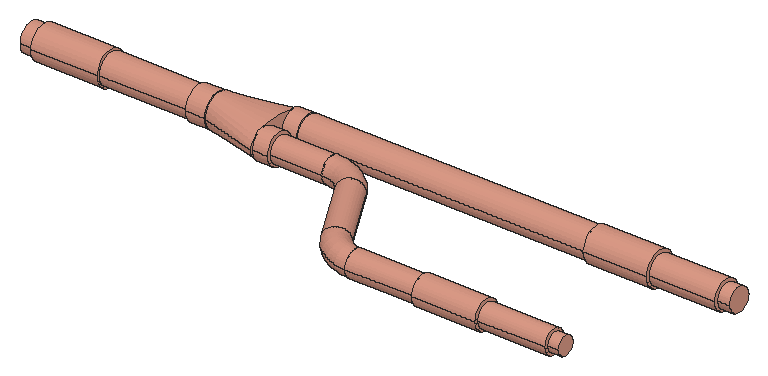
Revit family "outputfile", category 配管付属品, Revit 2024
Family settings
  丸型コネクタ寸法 = 半径を使用
  パーツ タイプ = 標準
  OmniClass 番号 = 23.65.55.00
  OmniClass タイトル = Distribution of Supplied Liquids/Gases
  作業面ベース = いいえ
  常に垂直 = はい
  ロード時にボイドで切り取り = いいえ
  共有 = いいえ
Parameters (values of type "KHRP25A73T + KHRP25M73TP")
  Description = ""
  製造元 = "Daikin"
  書き出し IFC クラス(タイプ) = "IfcPipeFittingType"
  定義済み IFC タイプ(タイプ) = "JUNCTION"
  Cost = 0
  Type Comments = ""
  Keynote = ""
  Type Image = (empty or 0)
  Assembly Code = ""
  mm⇔inch [instance] = yes
  l_InletPipe4 = 12.0 mm
  built-in parameter 1114242 [instance] = (empty or 0)
  Default Elevation = 0.0 mm
  モデル = "KHRP25A73T + KHRP25M73TP"
  table_StraightPipe [instance] = if(mm⇔inch, "Refnet Joint_KHRP25A-T_Liquid_StraightPipe", "Refnet Joint_KHRP25A-T_Liquid_StraightPipe_inch")  # "Refnet Joint_KHRP25A-T_Liquid_StraightPipe"
  table_BranchPipe [instance] = if(mm⇔inch, "Refnet Joint_KHRP25A-T_Liquid_BranchPipe", "Refnet Joint_KHRP25A-T_Liquid_BranchPipe_inch")  # "Refnet Joint_KHRP25A-T_Liquid_BranchPipe"
  table_Inlet [instance] = if(mm⇔inch, "Refnet Joint_KHRP25A-T_Liquid_Inlet", "Refnet Joint_KHRP25A-T_Liquid_Inlet_inch")  # "Refnet Joint_KHRP25A-T_Liquid_Inlet"
  switch_StraightPipe_Reducer [instance] = if(Is_StraightPipe Reducer = 1, 1 = 1, 1 = 0)  # no
  switch_StraightPipe3 [instance] = if(number_StraightPipe = 3, 1 = 1, 1 = 0)  # yes
  switch_StraightPipe2 [instance] = if(number_StraightPipe < 2, 1 = 0, 1 = 1)  # yes
  switch_BranchPipe_Reducer [instance] = if(Is_BranchPipe Reducer = 1, 1 = 1, 1 = 0)  # no
  switch_BranchPipe3 [instance] = if(number_BranchPipe = 3, 1 = 1, 1 = 0)  # yes
  switch_BranchPipe2 [instance] = if(number_BranchPipe < 2, 1 = 0, 1 = 1)  # yes
  switch_Inlet pipe_Reducer [instance] = if(Is_Inlet Reducer = 1, 1 = 1, 1 = 0)  # no
  switch_Inlet pipe3 [instance] = if(number_InletPipe = 3, 1 = 1, 1 = 0)  # no
  switch_Inlet pipe2 [instance] = if(number_InletPipe < 2, 1 = 0, 1 = 1)  # yes
  Uniclass2015Version = "Products v1.31"
  Uniclass2015Title = "Copper pipe fittings"
  Uniclass2015Code = "Pr_65_52_63_18"
  URL = ""
  StraightPipe_Liquid_ActualDiameter [instance] = 12.7 mm
  Material_Piping = DAIKIN_Copper_Pipe
  Material_Insulation = DAIKIN_White_Insulation
  lw_Insulation [instance] = size_lookup(table_Inlet, "lw_Insulation", 26.0 mm, モデル)  # 63.0 mm
  Unit Type = "KHRP25A-T_Liquid"
  Tag No. [instance] = ""
  StraightPipe_Liquid_Status [instance] = size_lookup(table_StraightPipe, "Information", "The connected pipe size is not available.", モデル, StraightPipe_Liquid_ActualDiameter)  # "Default connector size is used."
  Link_Nested Family [instance] = ""
  Inlet_Liquid_Actual Diameter [instance] = 15.9 mm
  IfcVersion = ""
  IfcExportType = "JUNCTION"
  IfcExportAs = "IfcPipeFittingType"
  BranchPipe_Liquid_Status [instance] = size_lookup(table_BranchPipe, "Information", "The connected pipe size is not available.", モデル, BranchPipe_Liquid_ActualDiameter)  # "Default connector size is used."
  Inlet_Liquid_Status [instance] = size_lookup(table_Inlet, "Information", "The connected pipe size is not available.", モデル, Inlet_Liquid_Actual Diameter)  # "Default connector size is used."
  Series = "Refnet Joint"
  O.R_dividePipe_Inlet [instance] = (I.D_InletPipe1 + 2.0 mm) / 2  # 10.55 mm
  r_StraightPipe_Connector [instance] = StraightPipe_Liquid_ActualDiameter / 2  # 6.35 mm
  r_BranchPipe_Connector [instance] = BranchPipe_Liquid_ActualDiameter / 2  # 4.75 mm
  r_Inlet_Connector [instance] = Inlet_Liquid_Actual Diameter / 2  # 7.95 mm
  number_StraightPipe [instance] = size_lookup(table_StraightPipe, "pipeNumber", 2, モデル, StraightPipe_Liquid_ActualDiameter)  # 3
  number_BranchPipe [instance] = size_lookup(table_BranchPipe, "pipeNumber", 2, モデル, BranchPipe_Liquid_ActualDiameter)  # 3
  number_InletPipe [instance] = size_lookup(table_Inlet, "pipeNumber", 1, モデル, Inlet_Liquid_Actual Diameter)  # 2
  r_BranchPipeR [instance] = size_lookup(table_BranchPipe, "r_offsetPipeR", 18.0 mm, モデル, BranchPipe_Liquid_ActualDiameter)  # 25.0 mm
  l_BranchPipe_Straight2 [instance] = size_lookup(table_BranchPipe, "L_offsetPipe2", 25.5 mm, モデル)  # 43.0 mm
  l_BranchPipe_Straight1 [instance] = size_lookup(table_BranchPipe, "L_offsetPipe1", 5.0 mm, モデル)  # 33.0 mm
  l_BranchPipe connector [instance] = size_lookup(table_BranchPipe, "Length", 150.0 mm, モデル, BranchPipe_Liquid_ActualDiameter)  # 244.0 mm
  l_inlet connector [instance] = size_lookup(table_Inlet, "Length", 70.0 mm, モデル, Inlet_Liquid_Actual Diameter)  # 118.0 mm
  l_dividePipe [instance] = size_lookup(table_Inlet, "L_devidePipe", 30.0 mm, モデル)  # 38.0 mm
  l_StraightPipeReducer [instance] = size_lookup(table_StraightPipe, "L_Reducer", 80.0 mm, モデル, StraightPipe_Liquid_ActualDiameter)  # 80.0 mm
  l_StraightPipe3 [instance] = size_lookup(table_StraightPipe, "L_Pipe3", 2.0 mm, モデル)  # 8.0 mm
  l_StraightPipe2 [instance] = size_lookup(table_StraightPipe, "L_Pipe2", 6.0 mm, モデル)  # 42.0 mm
  l_StraightPipe1 [instance] = size_lookup(table_StraightPipe, "L_Pipe1", 44.0 mm, モデル)  # 40.0 mm
  l_StraightPipe0 [instance] = size_lookup(table_StraightPipe, "L_Pipe0", 130.0 mm, モデル)  # 182.0 mm
  l_StraightPipe connector [instance] = size_lookup(table_StraightPipe, "Length", 190.0 mm, モデル, StraightPipe_Liquid_ActualDiameter)  # 282.0 mm
  l_BranchPipe Reducer [instance] = size_lookup(table_BranchPipe, "L_Reducer", 50.0 mm, モデル, BranchPipe_Liquid_ActualDiameter)  # 50.0 mm
  l_BranchPipe3 [instance] = size_lookup(table_BranchPipe, "L_Pipe3", 2.0 mm, モデル)  # 7.0 mm
  l_BranchPipe2 [instance] = size_lookup(table_BranchPipe, "L_Pipe2", 6.0 mm, モデル)  # 43.0 mm
  l_BranchPipe1 [instance] = size_lookup(table_BranchPipe, "L_Pipe1", 44.0 mm, モデル)  # 40.0 mm
  l_BranchPipe0 [instance] = size_lookup(table_BranchPipe, "L_Pipe0", 90.0 mm, モデル)  # 144.0 mm
  l_InletReducer [instance] = size_lookup(table_Inlet, "L_Reducer", 80.0 mm, モデル, Inlet_Liquid_Actual Diameter)  # 100.0 mm
  l_InletPipe3 [instance] = size_lookup(table_Inlet, "L_Pipe3", 2.0 mm, モデル)  # 2.0 mm
  l_InletPipe2 [instance] = size_lookup(table_Inlet, "L_Pipe2", 2.0 mm, モデル)  # 8.0 mm
  l_InletPipe1 [instance] = size_lookup(table_Inlet, "L_Pipe1", 7.0 mm, モデル)  # 42.0 mm
  l_InletPipe0 [instance] = size_lookup(table_Inlet, "L_Pipe0", 53.0 mm, モデル)  # 56.0 mm
  center_StraightPipe [instance] = size_lookup(table_StraightPipe, "center_Pipe", 6.5 mm, モデル)  # 11.5 mm
  center_BranchPipe2 [instance] = size_lookup(table_BranchPipe, "center_OffsetPipe", 73.5 mm, モデル)  # 78.1 mm
  center_BranchPipe1 [instance] = size_lookup(table_BranchPipe, "center_Pipe", 6.5 mm, モデル)  # 11.5 mm
  StraightPipe_Liquid_AvailableDiameter [instance] = size_lookup(table_StraightPipe, "sizeVariation", "", モデル)  # "12.7/15.9/19.1mm"
  BranchPipe_Liquid_AvailableDiameter [instance] = size_lookup(table_BranchPipe, "sizeVariation", "", モデル)  # "6.4/9.5/12.7/15.9mm"
  Inlet_Liquid_Available Diameter [instance] = size_lookup(table_Inlet, "sizeVariation", "", モデル)  # "15.9/19.1/22.2mm"
  O.D_StraightPipe Reducer [instance] = size_lookup(table_StraightPipe, "O.D_reducer", 2.0 mm, モデル, StraightPipe_Liquid_ActualDiameter)  # 2.0 mm
  O.D_Offset Outlet Reducer [instance] = size_lookup(table_BranchPipe, "O.D_reducer", 2.0 mm, モデル, BranchPipe_Liquid_ActualDiameter)  # 2.0 mm
  O.D_Inlet Reducer [instance] = size_lookup(table_Inlet, "O.D_reducer", 2.0 mm, モデル, Inlet_Liquid_Actual Diameter)  # 2.0 mm
  Is_StraightPipe Reducer [instance] = size_lookup(table_StraightPipe, "IsReducer", 0, モデル, StraightPipe_Liquid_ActualDiameter)  # 0
  Is_BranchPipe Reducer [instance] = size_lookup(table_BranchPipe, "IsReducer", 0, モデル, BranchPipe_Liquid_ActualDiameter)  # 0
  Is_Inlet Reducer [instance] = size_lookup(table_Inlet, "IsReducer", 0, モデル, Inlet_Liquid_Actual Diameter)  # 0
  BranchPipe_Liquid_ActualDiameter [instance] = 9.5 mm
  Attach_Insulation [instance] = no
  I.D_StraightPipe3 [instance] = size_lookup(table_StraightPipe, "I.D_PipeSize3", 2.0 mm, モデル)  # 12.7 mm
  I.D_StraightPipe2 [instance] = size_lookup(table_StraightPipe, "I.D_PipeSize2", 6.4 mm, モデル)  # 15.9 mm
  I.D_StraightPipe1 [instance] = size_lookup(table_StraightPipe, "I.D_PipeSize1", 9.5 mm, モデル)  # 19.1 mm
  I.D_StraightPipe0 [instance] = size_lookup(table_StraightPipe, "I.D_PipeSize0", 7.5 mm, モデル)  # 17.1 mm
  I.D_BranchPipe3 [instance] = size_lookup(table_BranchPipe, "I.D_PipeSize3", 2.0 mm, モデル)  # 9.5 mm
  I.D_BranchPipe2 [instance] = size_lookup(table_BranchPipe, "I.D_PipeSize2", 6.4 mm, モデル)  # 12.7 mm
  I.D_BranchPipe1 [instance] = size_lookup(table_BranchPipe, "I.D_PipeSize1", 9.5 mm, モデル)  # 15.9 mm
  I.D_BranchPipe0 [instance] = size_lookup(table_BranchPipe, "I.D_PipeSize0", 7.5 mm, モデル)  # 13.9 mm
  I.D_Straight Reducer [instance] = size_lookup(table_StraightPipe, "I.D_reducer", 2.0 mm, モデル, StraightPipe_Liquid_ActualDiameter)  # 2.0 mm
  I.D_OutletPipe [instance] = size_lookup(table_Inlet, "I.D_OutletPipeSize", 9.6 mm, モデル, Inlet_Liquid_Actual Diameter)  # 17.0 mm
  I.D_Branch Reducer [instance] = size_lookup(table_BranchPipe, "I.D_reducer", 2.0 mm, モデル, BranchPipe_Liquid_ActualDiameter)  # 2.0 mm
  I.D_Inlet Reducer [instance] = size_lookup(table_Inlet, "I.D_reducer", 2.0 mm, モデル, Inlet_Liquid_Actual Diameter)  # 2.0 mm
  I.D_InletPipe3 [instance] = size_lookup(table_Inlet, "I.D_PipeSize3", 2.0 mm, モデル)  # 2.0 mm
  I.D_InletPipe2 [instance] = size_lookup(table_Inlet, "I.D_PipeSize2", 2.0 mm, モデル)  # 15.9 mm
  I.D_InletPipe1 [instance] = size_lookup(table_Inlet, "I.D_PipeSize1", 9.5 mm, モデル)  # 19.1 mm
  I.D_InletPipe0 [instance] = size_lookup(table_Inlet, "I.D_PipeSize0", 7.5 mm, モデル)  # 17.1 mm
Reference planes
  plane 1 "Center (Front/Back)": y = 0
  plane 2: z = 0
  plane 3 "base_left": x = 0
  plane 4: x = 2
  plane 5: x = 10
  plane 6: x = 52
  plane 7: x = 108
  plane 8: x = 120
  plane 9: x = 158
  plane 10: x = 168
  plane 11 "center_straight outlet": y = 11.5
  plane 12 "center2_offset outlet": y = -78.1
  plane 13 "center1_offset outlet": y = -11.5
  plane 14: x = 350
  plane 15: x = 390
  plane 16: x = 432
  plane 17: x = 312
  plane 18: x = 352
  plane 19: x = 395
  plane 20: x = 440
  plane 21: x = 402
  plane 22 "Reducer_straightoutlet": x = 402
  plane 23: x = 440
  plane 24: y = -22.05
  plane 25: z = 10.55
  plane 26 "Inlet_connector": x = 2
  plane 27 "Left_Insulation": x = 57
Forms (mm)
  SweptBlend 1, solid, material "DAIKIN_Copper_Pipe" <- "Material_Piping"
    path origin (0, 0, 0) x (1, 0, 0) y (0, 1, 0)
      loop
        line (120, 0) -> (158, 0)
    profile origin (120, 0, 0) x (0, 1, 0) y (0, 0, 1)
      loop
        circle (0, 0) r 10.55
    end profile origin (158, 0, 0) x (0, 1, 0) y (0, 0, 1)
      loop
        spline (-22.05, 0) -> (-21.299, -2.731) -> (-19.096, -5.275) -> (-15.592, -7.46) -> (-11.025, -9.137) -> (-5.707, -10.191) -> (0, -10.55) -> (5.707, -10.191) -> (11.025, -9.137) -> (15.592, -7.46) -> (19.096, -5.275) -> (21.299, -2.731) -> (22.05, 0)
        spline (22.05, 0) -> (21.299, 2.731) -> (19.096, 5.275) -> (15.592, 7.46) -> (11.025, 9.137) -> (5.707, 10.191) -> (0, 10.55) -> (-5.707, 10.191) -> (-11.025, 9.137) -> (-15.592, 7.46) -> (-19.096, 5.275) -> (-21.299, 2.731) -> (-22.05, 0)
Dimensions and locks
  "l_InletPipe3": plane 3 "base_left" to plane 4
  "l_InletPipe2": plane 4 to plane 5
  "l_InletPipe1": plane 5 to plane 6
  "l_InletPipe0": plane 6 to plane 7
  "l_InletPipe4": plane 7 to plane 8
  "center_StraightPipe": plane 1 "Center (Front/Back)" to plane 11 "center_straight outlet"
  "center_BranchPipe2": plane 12 "center2_offset outlet" to plane 1 "Center (Front/Back)"
  "center_BranchPipe1": plane 13 "center1_offset outlet" to plane 1 "Center (Front/Back)"
  "l_dividePipe": plane 8 to plane 9
  plane 9 to plane 10 = 10.0 mm
  "l_StraightPipe0": plane 10 to plane 14
  "l_BranchPipe0": plane 10 to plane 17
  "l_BranchPipe1": plane 17 to plane 18
  "l_BranchPipe2": plane 18 to plane 19
  "l_StraightPipe1": plane 14 to plane 15
  "l_StraightPipe2": plane 15 to plane 16
  "l_StraightPipe3": plane 16 to plane 20
  "l_BranchPipe3": plane 19 to plane 21
  "l_BranchPipe connector": plane 9 to plane 22 "Reducer_straightoutlet"
  "l_StraightPipe connector": plane 9 to plane 23
  "O.R_dividePipe_Inlet": plane 24 to plane 13 "center1_offset outlet"
  "O.R_dividePipe_Inlet": plane 25 to plane 2
  "l_inlet connector": plane 26 "Inlet_connector" to plane 8
  "lw_Insulation": plane 27 "Left_Insulation" to plane 8
  "O.R_dividePipe_Inlet": radius of SweptBlend 1 sketch curve
  aligned and locked: level to plane 2
  aligned and locked: plane 2 to nested 1
  aligned and locked: plane 3 "base_left" to nested 1
  aligned and locked: plane 1 "Center (Front/Back)" to nested 1
  aligned and locked: plane 4 to nested 2
  aligned and locked: plane 1 "Center (Front/Back)" to nested 2
  aligned and locked: plane 5 to nested 2
  aligned and locked: plane 5 to nested 3
  aligned and locked: plane 6 to nested 3
  aligned and locked: plane 6 to nested 4
  aligned and locked: nested 4 to plane 7
  aligned and locked: nested 5 to plane 7
  aligned and locked: nested 5 to plane 8
  aligned and locked: plane 8 to SweptBlend 1 sketch curve
  aligned and locked: plane 9 to SweptBlend 1 sketch curve
  aligned and locked: plane 2 to SweptBlend 1 sketch curve  (x2)
  aligned and locked: plane 1 "Center (Front/Back)" to SweptBlend 1 sketch curve  (x2)
  aligned and locked: nested 6 to plane 9
  aligned and locked: nested 7 to plane 9
  aligned and locked: nested 6 to plane 11 "center_straight outlet"
  aligned and locked: nested 7 to plane 13 "center1_offset outlet"
  aligned and locked: nested 7 to plane 10
  aligned and locked: nested 6 to plane 10
  aligned and locked: nested 8 to plane 10
  aligned and locked: plane 14 to nested 8
  aligned and locked: nested 8 to plane 11 "center_straight outlet"
  aligned and locked: plane 14 to nested 9
  aligned and locked: nested 9 to plane 11 "center_straight outlet"
  aligned and locked: plane 15 to nested 9
  aligned and locked: nested 10 to plane 11 "center_straight outlet"
  aligned and locked: plane 15 to nested 10
  aligned and locked: plane 16 to nested 10
  aligned and locked: nested 11 to plane 12 "center2_offset outlet"
  aligned and locked: plane 17 to nested 11
  aligned and locked: plane 18 to nested 11
  aligned and locked: nested 12 to plane 12 "center2_offset outlet"
  aligned and locked: plane 18 to nested 12
  aligned and locked: plane 19 to nested 12
  aligned and locked: nested 13 to plane 10
  aligned and locked: nested 13 to plane 13 "center1_offset outlet"
  aligned and locked: nested 13 to plane 12 "center2_offset outlet"
  aligned and locked: plane 8 to nested 14
  aligned and locked: plane 1 "Center (Front/Back)" to nested 14
  aligned and locked: plane 11 "center_straight outlet" to nested 15
  aligned and locked: nested 15 to plane 9
  aligned and locked: nested 16 to plane 9
  aligned and locked: plane 12 "center2_offset outlet" to nested 16
  aligned and locked: nested 17 to plane 1 "Center (Front/Back)"
  aligned and locked: plane 16 to nested 18
  aligned and locked: plane 20 to nested 18
  aligned and locked: plane 19 to nested 19
  aligned and locked: plane 21 to nested 19
  aligned and locked: nested 20 to plane 12 "center2_offset outlet"
  aligned and locked: plane 23 to nested 21
  aligned and locked: nested 21 to plane 11 "center_straight outlet"
  aligned and locked: plane 4 to nested 1
  aligned and locked: plane 24 to SweptBlend 1 sketch curve
  aligned and locked: plane 25 to SweptBlend 1 sketch curve
  aligned and locked: nested 19 to plane 12 "center2_offset outlet"
  aligned and locked: nested 18 to plane 11 "center_straight outlet"
  aligned and locked: nested 17 to plane 26 "Inlet_connector"
  aligned and locked: plane 22 "Reducer_straightoutlet" to nested 20
  aligned and locked: nested 22 to plane 27 "Left_Insulation"
  aligned and locked: plane 1 "Center (Front/Back)" to nested 22
Automatic sketch dimensions
  plane 1 "Center (Front/Back)" to SweptBlend 1 sketch curve = 0.0 mm
Nested families
  nested 1: "daikin_Pipe" at (1, 0, 0), I.D_Pipe <- "I.D_InletPipe3", display <- "switch_Inlet pipe3", type "*"
    with length_Pipe 2.0 mm, display no, O.D_Pipe 4.0 mm, I.D_Pipe 2.0 mm
  nested 2: "daikin_Pipe" at (6, 0, 0), I.D_Pipe <- "I.D_InletPipe2", display <- "switch_Inlet pipe2", type "*"
    with length_Pipe 8.0 mm, display yes, O.D_Pipe 17.9 mm, I.D_Pipe 15.9 mm
  nested 3: "daikin_Pipe" at (31, 0, 0), I.D_Pipe <- "I.D_InletPipe1", type "*"
    with length_Pipe 42.0 mm, display yes, O.D_Pipe 21.1 mm, I.D_Pipe 19.1 mm
  nested 4: "daikin_Pipe" at (80, 0, 0), I.D_Pipe <- "I.D_InletPipe0", type "*"
    with length_Pipe 56.0 mm, display yes, O.D_Pipe 19.1 mm, I.D_Pipe 17.1 mm
  nested 5: "daikin_Pipe" at (114, 0, 0), I.D_Pipe <- "I.D_InletPipe1", type "*"
    with length_Pipe 12.0 mm, display yes, O.D_Pipe 21.1 mm, I.D_Pipe 19.1 mm
  nested 6: "daikin_Pipe" at (163, 11.5, 0), I.D_Pipe <- "I.D_OutletPipe", type "*"
    with length_Pipe 10.0 mm, display yes, O.D_Pipe 19.0 mm, I.D_Pipe 17.0 mm
  nested 7: "daikin_Pipe" at (163, -11.5, 0), I.D_Pipe <- "I.D_OutletPipe", type "*"
    with length_Pipe 10.0 mm, display yes, O.D_Pipe 19.0 mm, I.D_Pipe 17.0 mm
  nested 8: "daikin_Pipe" at (259, 11.5, 0), I.D_Pipe <- "I.D_StraightPipe0", type "*"
    with length_Pipe 182.0 mm, display yes, O.D_Pipe 19.1 mm, I.D_Pipe 17.1 mm
  nested 9: "daikin_Pipe" at (370, 11.5, 0), I.D_Pipe <- "I.D_StraightPipe1", type "*"
    with length_Pipe 40.0 mm, display yes, O.D_Pipe 21.1 mm, I.D_Pipe 19.1 mm
  nested 10: "daikin_Pipe" at (411, 11.5, 0), I.D_Pipe <- "I.D_StraightPipe2", display <- "switch_StraightPipe2", type "*"
    with length_Pipe 42.0 mm, display yes, O.D_Pipe 17.9 mm, I.D_Pipe 15.9 mm
  nested 11: "daikin_Pipe" at (332, -78.1, 0), I.D_Pipe <- "I.D_BranchPipe1", type "*"
    with length_Pipe 40.0 mm, display yes, O.D_Pipe 17.9 mm, I.D_Pipe 15.9 mm
  nested 12: "daikin_Pipe" at (373.5, -78.1, 0), I.D_Pipe <- "I.D_BranchPipe2", display <- "switch_BranchPipe2", type "*"
    with length_Pipe 43.0 mm, display yes, O.D_Pipe 14.7 mm, I.D_Pipe 12.7 mm
  nested 13: "daikin_Pipe Ofsset" at (168, -11.5, 0), I.D_Pipe size <- "I.D_BranchPipe0", length_straight pipe1 <- "l_BranchPipe_Straight1", length_straight pipe2 <- "l_BranchPipe_Straight2", r_Pipe R <- "r_BranchPipeR", length_Pipe <- "l_BranchPipe0", type "*"
    with r_Pipe R 25.0 mm, length_straight pipe2 43.0 mm, length_straight pipe1 33.0 mm, length_offset center 66.6 mm, length_Pipe 144.0 mm, O.D_Pipe size 15.9 mm, I.D_Pipe size 13.9 mm
  nested 14: "daikin_connector_rotate2" at (120, 0, 0) x (0, -1, 0) z (0, 0, 1), length <- "l_inlet connector", type "daikin_connector_rotate2"
    with radius 5.0 mm, length 118.0 mm, angle_vertical 90.00°, locaton_mark no
  nested 15: "daikin_connector_rotate2" at (158, 11.5, 0) x (0, 1, 0) z (0, 0, 1), length <- "l_StraightPipe connector", type "daikin_connector_rotate2"
    with radius 5.0 mm, length 282.0 mm, angle_vertical 90.00°, locaton_mark no
  nested 16: "daikin_connector_rotate2" at (158, -78.1, 0) x (0, 1, 0) z (0, 0, 1), length <- "l_BranchPipe connector", type "daikin_connector_rotate2"
    with radius 5.0 mm, length 244.0 mm, angle_vertical 90.00°, locaton_mark no
  nested 17: "daikin_Pipe_reducer" at (52, 0, 0) x (-1, 0, 0) z (0, 0, 1), display <- "switch_Inlet pipe_Reducer", length_Pipe <- "l_InletReducer", I.D_Pipe1 <- "I.D_Inlet Reducer", O.D_Pipe2 <- "O.D_Inlet Reducer", type "*"
    with length_Pipe 100.0 mm, display no, O.D_Pipe2 2.0 mm, O.D_Pipe1 4.0 mm, I.D_Pipe2 0.0 mm, I.D_Pipe1 2.0 mm
  nested 18: "daikin_Pipe" at (436, 11.5, 0), I.D_Pipe <- "I.D_StraightPipe3", display <- "switch_StraightPipe3", type "*"
    with length_Pipe 8.0 mm, display yes, O.D_Pipe 14.7 mm, I.D_Pipe 12.7 mm
  nested 19: "daikin_Pipe" at (398.5, -78.1, 0), I.D_Pipe <- "I.D_BranchPipe3", display <- "switch_BranchPipe3", type "*"
    with length_Pipe 7.0 mm, display yes, O.D_Pipe 11.5 mm, I.D_Pipe 9.5 mm
  nested 20: "daikin_Pipe_reducer" at (377, -78.1, 0), I.D_Pipe1 <- "I.D_Branch Reducer", O.D_Pipe2 <- "O.D_Offset Outlet Reducer", length_Pipe <- "l_BranchPipe Reducer", display <- "switch_BranchPipe_Reducer", type "*"
    with length_Pipe 50.0 mm, display no, O.D_Pipe2 2.0 mm, O.D_Pipe1 4.0 mm, I.D_Pipe2 0.0 mm, I.D_Pipe1 2.0 mm
  nested 21: "daikin_Pipe_reducer" at (400, 11.5, 0), I.D_Pipe1 <- "I.D_Straight Reducer", O.D_Pipe2 <- "O.D_StraightPipe Reducer", length_Pipe <- "l_StraightPipeReducer", display <- "switch_StraightPipe_Reducer", type "*"
    with length_Pipe 80.0 mm, display no, O.D_Pipe2 2.0 mm, O.D_Pipe1 4.0 mm, I.D_Pipe2 0.0 mm, I.D_Pipe1 2.0 mm
  nested 22: "daikin_Insulation_RefnetJoint" at (57, 0, 0), I.D_Outlet PipeSize <- "I.D_OutletPipe", type "*"
    with h 49.0 mm, I.D_Outlet PipeSize 17.0 mm, d_Insulation3_3 74.9 mm, d_Insulation2_2 40.2 mm, d_Insulation1_1 27.2 mm, w_Insulation5 238.0 mm, w_Insulation4 55.9 mm, w_Insulation3 42.1 mm, w_Insulation2 71.0 mm, w_Insulation1 28.0 mm, display no, d_Insulation3 68.4 mm, d_Insulation2 38.9 mm, d_Insulation1 25.8 mm
Connectors
  piping at (2, 0, 0), diameter 15.9, driven by "r_Inlet_Connector"
    settings: on nested 14, index 1, connector inside diameter 609.6 mm, connector length 0.0 mm, flow factor 0, pipe flow 0.00 m³/h, pressure drop 0.0 Pa, fitting loss kfactor 0, connector angle 0.00°, fixture units 0, engagement length 0.0 mm, angle of deflection 0.00°, flow configuration 0, flow direction 1, fitting loss method 0, system type 29, joint type 0, gender type 0, connector reference index -1, connector utility 0, adjustable connector no, is connector primary yes, connector description "Refnet Joint_Inlet_Liquid"
  piping at (402, -78.1, 0), diameter 9.5, driven by "r_BranchPipe_Connector"
    settings: on nested 16, index 2, connector inside diameter 609.6 mm, connector length 0.0 mm, flow factor 0, pipe flow 0.00 m³/h, pressure drop 0.0 Pa, fitting loss kfactor 0, connector angle 0.00°, fixture units 0, engagement length 0.0 mm, angle of deflection 0.00°, flow configuration 0, flow direction 2, fitting loss method 0, system type 29, joint type 0, gender type 0, connector reference index -1, connector utility 0, adjustable connector no, is connector primary no, connector description "Refnet Joint_Outlet Branch_Liquid"
  piping at (440, 11.5, 0), diameter 12.7, driven by "r_StraightPipe_Connector"
    settings: on nested 15, index 3, connector inside diameter 609.6 mm, connector length 0.0 mm, flow factor 0, pipe flow 0.00 m³/h, pressure drop 0.0 Pa, fitting loss kfactor 0, connector angle 0.00°, fixture units 0, engagement length 0.0 mm, angle of deflection 0.00°, flow configuration 0, flow direction 2, fitting loss method 0, system type 29, joint type 0, gender type 0, connector reference index -1, connector utility 0, adjustable connector no, is connector primary no, connector description "Refnet Joint_Outlet Straight_Liquid"
Definition of nested family "daikin_Pipe"
  Parameters (values of type "*")
    Default Elevation = 0.0 mm
    material = none
    length_Pipe [instance] = 150.0 mm
    display [instance] = yes
    O.D_Pipe [instance] = I.D_Pipe + 2.0 mm  # 27.0 mm
    I.D_Pipe [instance] = 25.0 mm
  Reference planes
    plane 1 "Center (Front/Back)": y = 0
    plane 2 "center(vertical)": z = 0
    plane 3 "Center (Left/Right)": x = 0
    plane 4 "left": x = -75
    plane 5 "right": x = 75
  Forms (mm)
    Extrusion 1, solid, material <- "material", visible <- "display"
      sketch origin (0, 0, 0) x (0, 1, 0) y (0, 0, 1)
        loop
          circle (0, 0) r 13.5
      from -75 to 75
  Dimensions and locks
    equal spacing: plane 4 "left", plane 3 "Center (Left/Right)", plane 5 "right"
    "length_Pipe": plane 4 "left" to plane 5 "right"
    "O.D_Pipe": diameter of Extrusion 1 sketch curve
    aligned and locked: level to plane 2 "center(vertical)"
    aligned and locked: plane 2 "center(vertical)" to Extrusion 1 sketch curve
    aligned and locked: plane 1 "Center (Front/Back)" to Extrusion 1 sketch curve
    aligned and locked: plane 5 "right" to Extrusion 1
    aligned and locked: Extrusion 1 to plane 4 "left"
Definition of nested family "daikin_Pipe Ofsset"
  Parameters (values of type "*")
    Default Elevation = 0.0 mm
    r_Pipe R [instance] = 18.0 mm
    material = none
    length_straight pipe2 [instance] = 25.5 mm
    length_straight pipe1 [instance] = 5.0 mm
    length_offset center [instance] = 67.5 mm
    length_Pipe [instance] = 90.0 mm
    O.D_Pipe size [instance] = I.D_Pipe size + 2.0 mm  # 12.0 mm
    I.D_Pipe size [instance] = 10.0 mm
  Reference planes
    plane 1 "Center (Front/Back)": y = 0
    plane 2: z = 0
    plane 3 "Center (Left/Right)": x = 0
    plane 4: y = -67.5
    plane 5: x = 90
    plane 6: x = 64.5
    plane 7: x = 5
  Forms (mm)
    Sweep 1, solid, material <- "material"
      path origin (0, 0, 0) x (1, 0, 0) y (0, 1, 0)
        loop
          line (0, 0) -> (5, 0)
          arc (5, 0) -> (14.03, -2.429) -> (20.623, -9.061) r 18
          line (20.623, -9.061) -> (48.877, -58.439)
          arc (48.877, -58.439) -> (55.47, -65.071) -> (64.5, -67.5) r 18
          line (64.5, -67.5) -> (90, -67.5)
      profile origin (2.5, 0, 0) x (0, 1, 0) y (0, 0, 1)
        loop
          circle (0, 0) r 6
  Dimensions and locks
    "length_offset center": plane 4 to plane 1 "Center (Front/Back)"
    "length_straight pipe1": plane 3 "Center (Left/Right)" to plane 7
    "length_Pipe": plane 3 "Center (Left/Right)" to plane 5
    "length_straight pipe2": plane 6 to plane 5
    "O.D_Pipe size": diameter of Sweep 1 sketch curve
    "r_Pipe R": radius of Sweep 1 sketch curve  (x2)
    aligned and locked: level to plane 2
    aligned and locked: plane 1 "Center (Front/Back)" to Sweep 1 sketch curve
    aligned and locked: profile plane to Sweep 1 sketch curve
    aligned and locked: plane 5 to Sweep 1 sketch curve
    aligned and locked: plane 7 to Sweep 1 sketch curve
    aligned and locked: plane 6 to Sweep 1 sketch curve
  Automatic sketch dimensions
    plane 1 "Center (Front/Back)" to Sweep 1 sketch curve = 0.0 mm
    Sweep 1 sketch curve to plane 3 "Center (Left/Right)" = 0.0 mm
    plane 4 to Sweep 1 sketch curve = 0.0 mm
Definition of nested family "daikin_connector_rotate2"
  Parameters (values of type "daikin_connector_rotate2")
    show_face = no
    radius [instance] = 10.0 mm
    locaton_mark = yes
    length [instance] = 600.0 mm
    d_surface = 10.0 mm
    angle_vertical [instance] = 90.00°
    Default Elevation = 0.0 mm
  Reference planes
    plane 1 "Center (Front/Back)": y = 0
    plane 2: z = 0
    plane 3 "Center (Left/Right)": x = 0
  Forms (mm)
    Extrusion 1, solid, visible <- "show_face"
      sketch origin (0, -600, 0) x (1, 0, 0) y (0, 0, 1)
        loop
          circle (0, 0) r 10
      from 0 to -10
  Lines and regions (mm)
    reference lines
      curve 1: line (0, 0, 0) -> (0, -600, 0)
    symbolic lines, visible <- "locaton_mark"
      curve 2: circle (0, 0, 0) r 5 normal (0, 0, 1)
    model lines, visible <- "show_face"
      curve 3: line (0, 0, 0) -> (0, -600, 0)
  Dimensions and locks
    "length": curve 1 to curve 1
    "length": curve 3 to curve 3
    "d_surface": Extrusion 1 to Extrusion 1
    "radius": radius of Extrusion 1 sketch curve
    "angle_vertical": angle curve 1 to plane 1 "Center (Front/Back)"
    "angle_vertical": angle curve 3 to plane 1 "Center (Front/Back)"
    aligned and locked: level to plane 2
    aligned and locked: plane 1 "Center (Front/Back)" to curve 1
    aligned and locked: plane 2 to curve 1
    aligned and locked: plane 1 "Center (Front/Back)" to curve 2
    aligned and locked: plane 3 "Center (Left/Right)" to curve 2
    aligned and locked: plane 1 "Center (Front/Back)" to curve 3
    aligned and locked: plane 2 to curve 3
    aligned and locked: Extrusion 1 to Extrusion 1
  Automatic sketch dimensions
    Extrusion 1 sketch curve to level = 0.0 mm
    Extrusion 1 sketch curve to plane 3 "Center (Left/Right)" = 0.0 mm
    radius of curve 2 = 5.0 mm
Definition of nested family "daikin_Pipe_reducer"
  Parameters (values of type "*")
    Default Elevation = 0.0 mm
    material = none
    length_Pipe [instance] = 250.0 mm
    display [instance] = yes
    O.D_Pipe2 [instance] = 19.1 mm
    O.D_Pipe1 [instance] = I.D_Pipe1 + 2.0 mm  # 24.2 mm
    I.D_Pipe2 [instance] = O.D_Pipe2 - 2.0 mm  # 17.1 mm
    I.D_Pipe1 [instance] = 22.2 mm
  Reference planes
    plane 1 "Center (Front/Back)": y = 0
    plane 2 "center(vertical)": z = 0
    plane 3 "Center (Left/Right)": x = 0
    plane 4 "connection": x = -125
    plane 5 "right": x = 113
    plane 6: x = 125
  Forms (mm)
    Extrusion 1, solid, material <- "material", visible <- "display"
      sketch origin (0, 0, 0) x (0, 1, 0) y (0, 0, 1)
        loop
          circle (0, 0) r 9.55
      from -125 to 113
    Extrusion 2, solid, material <- "material", visible <- "display"
      sketch origin (0, 0, 0) x (0, 1, 0) y (0, 0, 1)
        loop
          circle (0, 0) r 12.1
      from 113 to 125
  Dimensions and locks
    locked: plane 5 "right" to plane 6 at 12
    "length_Pipe": plane 4 "connection" to plane 6
    equal spacing: plane 4 "connection", plane 3 "Center (Left/Right)", plane 6
    "O.D_Pipe2": diameter of Extrusion 1 sketch curve
    "O.D_Pipe1": diameter of Extrusion 2 sketch curve
    aligned and locked: level to plane 2 "center(vertical)"
    aligned and locked: plane 2 "center(vertical)" to Extrusion 1 sketch curve
    aligned and locked: plane 1 "Center (Front/Back)" to Extrusion 1 sketch curve
    aligned and locked: plane 5 "right" to Extrusion 1
    aligned and locked: Extrusion 1 to plane 4 "connection"
    aligned and locked: plane 2 "center(vertical)" to Extrusion 2 sketch curve
    aligned and locked: plane 1 "Center (Front/Back)" to Extrusion 2 sketch curve
    aligned and locked: Extrusion 2 to plane 5 "right"
    aligned and locked: plane 6 to Extrusion 2
Definition of nested family "daikin_Insulation_RefnetJoint"
  Parameters (values of type "*")
    d_Insulation3_3 = size_lookup(table_Insulation, "d_Insulation3_3", 131.5 mm, Model)  # 64.0 mm
    d_Insulation2_2 = size_lookup(table_Insulation, "d_Insulation2_2", 79.0 mm, Model)  # 30.0 mm
    d_Insulation1_1 = size_lookup(table_Insulation, "d_Insulation1_1", 56.0 mm, Model)  # 22.0 mm
    Default Elevation = 0.0 mm
    Model = "KHRP25A22T"
    w_Insulation5 = size_lookup(table_Insulation, "w_Insulation5", 212.0 mm, Model)  # 153.0 mm
    w_Insulation4 = size_lookup(table_Insulation, "w_Insulation4", 67.0 mm, Model)  # 48.6 mm
    w_Insulation3 = size_lookup(table_Insulation, "w_Insulation3", 34.7 mm, Model)  # 22.3 mm
    w_Insulation2 = size_lookup(table_Insulation, "w_Insulation2", 80.0 mm, Model)  # 37.5 mm
    w_Insulation1 = size_lookup(table_Insulation, "w_Insulation1", 22.0 mm, Model)  # 1.0 mm
    table_Insulation = "Refnet Joint_KHRP25A-T_Liquid_Insulation"  # constant formula
    material = none
    h [instance] = (I.D_Outlet PipeSize + 2.0 mm) + 30.0 mm  # 47.0 mm
    display = yes
    d_Insulation3 = size_lookup(table_Insulation, "d_Insulation3", 131.5 mm, Model)  # 63.0 mm
    d_Insulation2 = size_lookup(table_Insulation, "d_Insulation2", 79.0 mm, Model)  # 32.0 mm
    d_Insulation1 = size_lookup(table_Insulation, "d_Insulation1", 56.0 mm, Model)  # 24.0 mm
    I.D_Outlet PipeSize [instance] = 15.0 mm
  Reference planes
    plane 1 "Center (Front/Back)": y = 0
    plane 2: z = 0
    plane 3 "Left": x = 0
    plane 4 "top": z = 23.5
    plane 5 "bottom": z = -23.5
    plane 6: x = 1
    plane 7: x = 37.5
    plane 8: y = 22
    plane 9: y = -24
    plane 10: y = 30
    plane 11: y = -32
    plane 12: y = -97
    plane 13: x = 153
    plane 14: y = -34
    plane 15: x = 59.8
    plane 16: x = 104.4
  Forms (mm)
    Extrusion 1, solid, material <- "material", visible <- "display"
      sketch origin (-21, 0, 0) x (1, 0, 0) y (0, 1, 0)
        loop
          line (22, 22) -> (21, 22) -> (21, -24) -> (22, -24) -> (58.5, -32) -> (80.8, -32) -> (125.4, -97) -> (174, -97) -> (174, -51) -> (164.5, -51)
          arc (164.5, -51) -> (147.5, -34) -> (164.5, -17) r 17
          line (164.5, -17) -> (174, -17) -> (174, 30) -> (58.5, 30) -> (22, 22)
      from -23.5 to 23.5
  Dimensions and locks
    equal spacing: plane 4 "top", plane 2, plane 5 "bottom"
    "h": plane 4 "top" to plane 5 "bottom"
    "w_Insulation1": plane 3 "Left" to plane 6
    "w_Insulation2": plane 3 "Left" to plane 7
    "w_Insulation5": plane 3 "Left" to plane 13
    "w_Insulation3": plane 7 to plane 15
    "w_Insulation4": plane 16 to plane 13
    "d_Insulation1": plane 1 "Center (Front/Back)" to plane 9
    "d_Insulation1_1": plane 8 to plane 1 "Center (Front/Back)"
    "d_Insulation2": plane 1 "Center (Front/Back)" to plane 11
    "d_Insulation2_2": plane 10 to plane 1 "Center (Front/Back)"
    "d_Insulation3_3": plane 10 to plane 14
    "d_Insulation3": plane 14 to plane 12
    Extrusion 1 sketch curve to plane 14 to Extrusion 1 sketch curve = 17.0 mm locked, 17.0 mm locked
    aligned and locked: level to plane 2
    aligned and locked: Extrusion 1 to plane 5 "bottom"
    aligned and locked: plane 4 "top" to Extrusion 1
    aligned and locked: plane 6 to Extrusion 1  (x2)
    aligned and locked: plane 7 to Extrusion 1  (x2)
    aligned and locked: plane 6 to Extrusion 1 sketch curve
    aligned and locked: Extrusion 1 sketch curve to plane 11
    aligned and locked: plane 7 to Extrusion 1 sketch curve  (x2)
    aligned and locked: Extrusion 1 sketch curve to plane 10
    aligned and locked: Extrusion 1 sketch curve to plane 12
    aligned and locked: Extrusion 1 sketch curve to plane 13  (x2)
    aligned and locked: plane 16 to Extrusion 1 sketch curve
    aligned and locked: plane 15 to Extrusion 1 sketch curve
  Automatic sketch dimensions
    Extrusion 1 sketch curve to plane 3 "Left" = 0.0 mm
    Extrusion 1 sketch curve to plane 6 = 0.0 mm
    Extrusion 1 sketch curve to plane 9 = 0.0 mm
    Extrusion 1 sketch curve to plane 8 = 0.0 mm
    Extrusion 1 sketch curve to plane 13 = 9.5 mm
